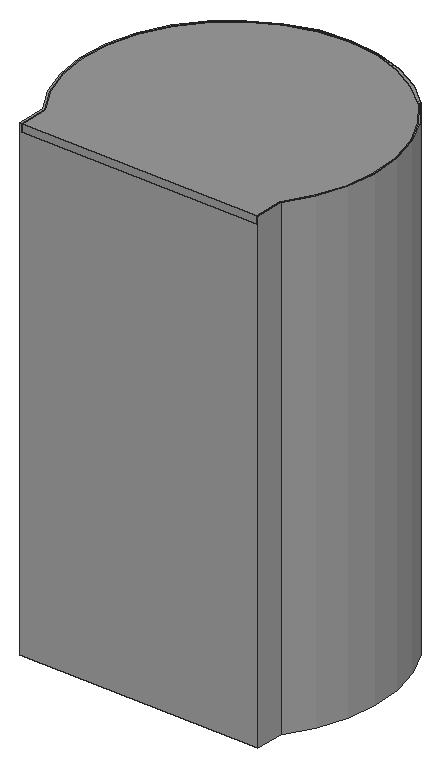
Revit family "3002 Björk Handdryer", category Furniture Systems, host Wall, Revit 2017
Family settings
  Host = Wall
  Round Connector Dimension = Use Diameter
  Part Type = Normal
  Always vertical = Yes
  Cut with Voids When Loaded = No
  Shared = No
  Room Calculation Point = No
Parameters (values of type "OSLO")
  URL = "http://www.dandryer.dk/da-dk/produkter/produktserie-%E2%80%93-bjork/3002-bjork-haandtoerrer--valgfri-ral-farve"
  Type Image = <None>
  Surface Top = OSLO
  Surface Front = RAL FARVE
  Model = "Björk-3002"
  Manufacturer = "Dan Dryer"
  Description = "Touch-free hand dryer"
  Cost = 0
Types (6, lengths in mm): name | Surface Top
  BIRK | BIRK
  GEO WHITE | GEO WHITE
  GRIGIO LONDRA | GRIGIO LONDRA
  NEGRO INGO | NEGRO INGO
  OSLO | OSLO
  BIANCO MALE | BIANCO MALE
Reference planes
  plane 1 "Wall": y = 0
  plane 2 "Center (Left/Right)": x = 125
  plane 3 "Back": y = 75
Forms (mm)
  Extrusion 1, solid, material "Blank Hvid", not visible
    sketch origin (0, 0, 0) x (1, 0, 0) y (0, 1, 0)
      loop
        arc (42.212, 95.366) -> (42.426, 94.946) -> (42.5, 94.481) r 1.5
        line (42.5, 94.481) -> (42.5, 75.3) -> (43.7, 75.3) -> (43.7, 94.481)
        arc (43.7, 94.481) -> (43.567, 95.318) -> (43.181, 96.073) r 2.7
        arc (43.181, 96.073) -> (125, 257.1) -> (206.819, 96.073) r 101.3
        arc (206.819, 96.073) -> (206.433, 95.318) -> (206.3, 94.481) r 2.7
        line (206.3, 94.481) -> (206.3, 75.3) -> (207.5, 75.3) -> (207.5, 94.481)
        arc (207.5, 94.481) -> (207.574, 94.946) -> (207.788, 95.366) r 1.5
        arc (207.788, 95.366) -> (125, 258.3) -> (42.212, 95.366) r 102.5
    from 900 to 1230
  Extrusion 2, void, not visible
    sketch origin (207.5, 94.481, 0) x (0, 1, 0) y (0, 0, -1)
      loop
        line (-19.181, -1225) -> (-19.181, -1230) -> (6.154, -1230)
        arc (6.154, -1230) -> (3.068, -1228.36) -> (2.105, -1225) r 4.47
        line (2.105, -1225) -> (-19.181, -1225)
    from -10.952 to 170.161
  Extrusion 3, void, not visible
    sketch origin (207.5, 94.481, 2130) x (0, 1, 0) y (0, 0, -1)
      loop
        line (-19.181, 1225) -> (2.105, 1225)
        arc (2.105, 1225) -> (3.068, 1228.36) -> (6.154, 1230) r 4.47
        line (6.154, 1230) -> (-19.181, 1230) -> (-19.181, 1225)
    from -6 to 179.451
  Extrusion 4, solid, not visible
    sketch origin (207.5, 75.3, 907) x (0, 1, 0) y (-1, 0, 0)
      loop
        line (0, 163.8) -> (0, 1.2) -> (19.181, 1.2)
        arc (19.181, 1.2) -> (20.018, 1.067) -> (20.773, 0.681) r 2.7
        arc (20.773, 0.681) -> (181.8, 82.5) -> (20.773, 164.319) r 101.3
        arc (20.773, 164.319) -> (20.018, 163.933) -> (19.181, 163.8) r 2.7
        line (19.181, 163.8) -> (0, 163.8)
    from 0 to -2
  Extrusion 5, void, not visible
    sketch origin (206.3, 75.3, 0) x (-1, 0, 0) y (0, 0, 1)
      loop
        arc (83.312, 976) -> (81.303, 978.014) -> (79.288, 976) r 2.012
        line (79.288, 976) -> (79.285, 930)
        arc (79.285, 930) -> (81.297, 927.986) -> (83.312, 930) r 2.012
        line (83.312, 930) -> (83.312, 976)
    from 174.915 to 189.234
  Extrusion 6, solid, not visible
    sketch origin (206.3, 75.3, 0) x (1, 0, 0) y (0, 0, 1)
      loop
        line (-83.312, 975.984) -> (-83.312, 930)
        arc (-83.312, 930) -> (-81.291, 928.118) -> (-79.287, 930.016) r 2.015
        line (-79.287, 930.016) -> (-79.288, 976)
        arc (-79.288, 976) -> (-81.309, 977.882) -> (-83.312, 975.984) r 2.015
    from -182.98 to -174.915
  Extrusion 7, solid, material "RAL FARVE", not visible
    sketch origin (0, 0, 0) x (1, 0, 0) y (0, 1, 0)
      loop
        arc (42.212, 95.366) -> (42.426, 94.946) -> (42.5, 94.481) r 1.5
        line (42.5, 94.481) -> (42.5, 75.3) -> (43.7, 75.3) -> (43.7, 94.481)
        arc (43.7, 94.481) -> (43.567, 95.318) -> (43.181, 96.073) r 2.7
        arc (43.181, 96.073) -> (125, 257.1) -> (206.819, 96.073) r 101.3
        arc (206.819, 96.073) -> (206.433, 95.318) -> (206.3, 94.481) r 2.7
        line (206.3, 94.481) -> (206.3, 75.3) -> (207.5, 75.3) -> (207.5, 94.481)
        arc (207.5, 94.481) -> (207.574, 94.946) -> (207.788, 95.366) r 1.5
        arc (207.788, 95.366) -> (125, 258.3) -> (42.212, 95.366) r 102.5
    from 900 to 1230
Text (mm)
  text "Placement Side" at (-1848.837, 1116.779, 0), in view "Ref. Level"
  text "Placement side" at (0, 1409.804, 2854.306), in view "Left"
  text "Placement side" at (0, 499.811, 2980.732), in view "Right"
Dimensions and locks
  locked: plane 3 "Back" to host wall
  aligned and locked: plane 1 "Wall" to host wall
  aligned and locked: plane 3 "Back" to nested 1  (x2)
Nested families
  nested 1: "Master Handdryer" at (125, 75, 1100), type "Master Handdryer"
Definition of nested family "Master Handdryer"
  Parameters (values of type "Master Handdryer")
    Surface Top = none
    Surface Front = none
  Reference planes
    plane 1 "Center (Front/Back)": y = 0
    plane 2: z = 0
    plane 3 "Center (Left/Right)": x = 0
  Forms (mm)
    Extrusion 1, solid, material <- "Surface Front"
      sketch origin (0, 0, 0) x (1, 0, 0) y (0, 1, 0)
        loop
          arc (82.5, 19.672) -> (0, 183) -> (-82.5, 19.672) r 102.5
          line (-82.5, 19.672) -> (-82.5, 0) -> (82.5, 0) -> (82.5, 19.672)
      from 0 to 330
    Extrusion 2, solid, material <- "Surface Top"
      sketch origin (0, 0, 330) x (1, 0, 0) y (0, 1, 0)
        loop
          arc (81.3, 20.068) -> (0, 181.8) -> (-81.3, 20.068) r 101.3
          line (-81.3, 20.068) -> (-81.3, 0) -> (81.3, 0) -> (81.3, 20.068)
      from 0 to -5
    Extrusion 3, void
      sketch origin (0, 0, 0) x (1, 0, 0) y (0, 1, 0)
        loop
          line (-81.3, 0) -> (81.3, 0) -> (81.3, 20.068)
          arc (81.3, 20.068) -> (0, 181.8) -> (-81.3, 20.068) r 101.3
          line (-81.3, 20.068) -> (-81.3, 0)
      from 325 to 330
  Cuts and joins
    Extrusion 3 cuts Extrusion 1
  Dimensions and locks
    aligned and locked: level to plane 2
